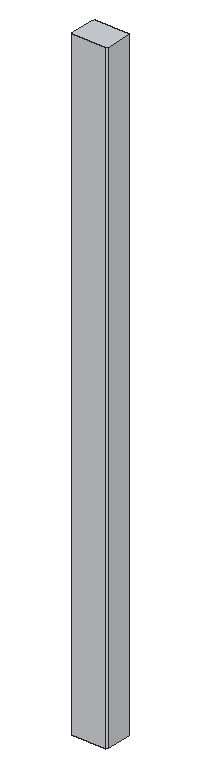
Revit family "RS Søjler Spæncom", category Structural Columns, Revit 2014
Parameters (values of type "RS18/24")
  Søjle længde = 4000 mm
  Structural Material [instance] = none
  Manufacturer = "Spæncom"
  Keynote = ""
  Depth = 180 mm
  Width = 240 mm
Types (84, lengths in mm): name | Depth | Width
  RS18/24 | 180 | 240
  RS18/30 | 180 | 300
  RS18/36 | 180 | 360
  RS18/42 | 180 | 420
  RS18/48 | 180 | 480
  RS18/50 | 180 | 500
  RS18/60 | 180 | 600
  RS18/72 | 180 | 720
  RS18/84 | 180 | 840
  RS24/24 | 240 | 240
  RS24/30 | 240 | 300
  RS24/36 | 240 | 360
  RS24/42 | 240 | 420
  RS24/48 | 240 | 480
  RS24/50 | 240 | 500
  RS24/60 | 240 | 600
  RS24/72 | 240 | 720
  RS24/84 | 240 | 840
  RS30/30 | 300 | 300
  RS30/36 | 300 | 360
  RS30/42 | 300 | 420
  RS30/48 | 300 | 480
  RS30/50 | 300 | 500
  RS30/60 | 300 | 600
  RS30/72 | 300 | 720
  RS30/84 | 300 | 840
  RS36/36 | 360 | 360
  RS36/42 | 360 | 420
  RS36/48 | 360 | 480
  RS36/50 | 360 | 500
  RS36/60 | 360 | 600
  RS36/72 | 360 | 720
  RS36/84 | 360 | 840
  RS42/42 | 420 | 420
  RS42/48 | 420 | 480
  RS42/50 | 420 | 500
  RS42/60 | 420 | 600
  RS42/72 | 420 | 720
  RS42/84 | 420 | 840
  RS48/48 | 480 | 480
  RS48/50 | 480 | 500
  RS48/60 | 480 | 600
  RS48/72 | 480 | 720
  RS48/84 | 480 | 840
  RS54/50 | 540 | 500
  RS54/60 | 540 | 600
  RS54/72 | 540 | 720
  RS54/84 | 540 | 840
  RS60/60 | 600 | 600
  RS60/72 | 600 | 720
  RS60/84 | 600 | 840
  RS72/72 | 720 | 720
  RS72/84 | 720 | 840
  RS84/84 | 840 | 840
  RS108/18 | 1080 | 180
  RS108/24 | 1080 | 240
  RS108/30 | 1080 | 300
  RS108/36 | 1080 | 360
  RS108/42 | 1080 | 420
  RS108/48 | 1080 | 480
  RS108/50 | 1080 | 500
  RS108/60 | 1080 | 600
  RS108/72 | 1080 | 720
  RS108/84 | 1080 | 840
  RS120/18 | 1200 | 180
  RS120/24 | 1200 | 240
  RS120/30 | 1200 | 300
  RS120/36 | 1200 | 360
  RS120/42 | 1200 | 420
  RS120/48 | 1200 | 480
  RS120/50 | 1200 | 500
  RS120/60 | 1200 | 600
  RS120/72 | 1200 | 720
  RS120/84 | 1200 | 840
  RS140/18 | 1400 | 180
  RS140/24 | 1400 | 240
  RS140/30 | 1400 | 300
  RS140/36 | 1400 | 360
  RS140/42 | 1400 | 420
  RS140/48 | 1400 | 480
  RS140/50 | 1400 | 500
  RS140/60 | 1400 | 600
  RS140/72 | 1400 | 720
  RS140/84 | 1400 | 840
Reference planes
  plane 1 "Center (Front/Back)": y = 0
  plane 2: z = 0
  plane 3 "Center (Left/Right)": x = 0
  plane 4 "Left": x = -120
  plane 5 "Right": x = 120
  plane 6 "Back": y = 90
  plane 7 "Front": y = -90
Forms (mm)
  Extrusion 1, solid, material <- "Structural Material"
    sketch origin (0, 0, 0) x (1, 0, 0) y (0, 1, 0)
      loop
        line (-110, 90) -> (-120, 80) -> (-120, -80) -> (-110, -90) -> (110, -90) -> (120, -80) -> (120, 80) -> (110, 90) -> (-110, 90)
    from 0 to 4000
Dimensions and locks
  equal spacing: plane 4 "Left", plane 3 "Center (Left/Right)", plane 5 "Right"
  equal spacing: plane 7 "Front", plane 1 "Center (Front/Back)", plane 6 "Back"
  "Width": plane 4 "Left" to plane 5 "Right"
  "Depth": plane 7 "Front" to plane 6 "Back"
  plane 1 "Center (Front/Back)" to Extrusion 1 = 90 mm
  aligned and locked: level to plane 2
  aligned and locked: Extrusion 1 to level
  aligned and locked: level to Extrusion 1
Automatic sketch dimensions
  Extrusion 1 sketch curve to plane 4 "Left" = 0 mm
  plane 5 "Right" to Extrusion 1 sketch curve = 10 mm  (x2)
  Extrusion 1 sketch curve to plane 4 "Left" = 10 mm
  plane 6 "Back" to Extrusion 1 sketch curve = 10 mm
  Extrusion 1 sketch curve to plane 7 "Front" = 10 mm  (x2)
  Extrusion 1 sketch curve to Extrusion 1 sketch curve = 10 mm  (x2)
  Extrusion 1 sketch curve to plane 5 "Right" = 0 mm
  plane 6 "Back" to Extrusion 1 sketch curve = 0 mm
  plane 7 "Front" to Extrusion 1 sketch curve = 0 mm
